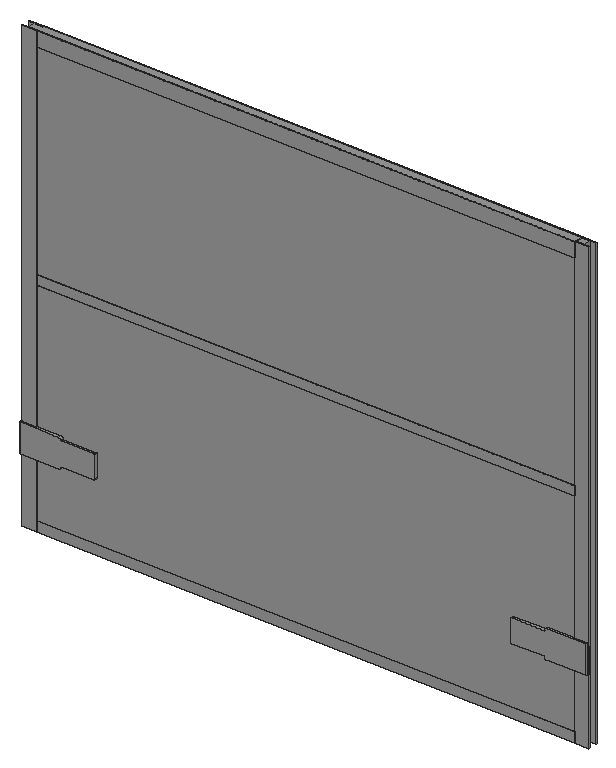
Revit family "Haworth_HATElements_Screen_FramedSegmented_AP_PRELIMINARY", category Furniture, Revit 2019
Family settings
  Work Plane-Based = No
  Always vertical = Yes
  Cut with Voids When Loaded = No
  Shared = No
  Room Calculation Point = No
Parameters (values of type "Screen - Framed Segmented")
  URL - Product = "https://www.haworth.com/ap/en/products/office-desks/hat-elements.html"
  Warranty = "http://www.haworth.com/resources/product-info/warranties"
  URL = "https://www.haworth.com/ap/en.html"
  Standing Kit = not(Hanged Kit)  # no
  Standard Widths = "1200, 1400, 1500, 1600, 1800 mm"  # constant formula
  Size = "Verify Final Dim. w/Haworth"  # constant formula
  Screen Finish [instance] = Haworth _ Fabric _ Undecided _ Screen
  Revision Number = "1"  # constant formula
  Model = "SYELXXXXXX"  # constant formula
  Manufacturer = "Haworth, Inc."  # constant formula
  Hanged Kit = yes
  Frame Finish [instance] = Haworth _ Polymer _ Undecided
  Fixing Kit Finish = Haworth _ Polymer _ Undecided
  Description = "Haworth - HAT Elements - Screen Frame Segmented"  # constant formula
  Author = "Haworth (Abd Rahman)"  # constant formula
  Actual Width = 1200 mm
  Actual Height = 950 mm
  Actual Depth = 20 mm  # constant formula
Reference planes
  plane 1: y = 0
  plane 2: z = 0
  plane 3 "Center (Left/Right)": x = 0
  plane 4: x = -600
  plane 5: z = 612
  plane 6: x = 600
  plane 7: y = 20
  plane 8: z = 1562
  plane 9: y = 10
  plane 10: x = 570
  plane 11: x = -570
  plane 12: z = 752
  plane 13: z = 542
  plane 14: z = 1532
  plane 15: z = 632
  plane 16: x = 587
  plane 17: x = -587
  plane 18: y = 18
  plane 19: y = 2
  plane 20: z = 1079.318
  plane 21: z = 1099.318
Forms (mm)
  Extrusion 1, solid, material "Haworth _ Fabric _ Undecided _ Screen" <- "Screen Finish"
    sketch origin (0, 0, -20) x (1, 0, 0) y (0, 0, 1)
      loop
        line (587, 1582) -> (-587, 1582) -> (-587, 1119.318) -> (587, 1119.318) -> (587, 1582)
      loop
        line (-587, 1099.318) -> (-587, 652) -> (587, 652) -> (587, 1099.318) -> (-587, 1099.318)
    from -18 to -2
  Extrusion 2, solid, material "Haworth _ Polymer _ Undecided" <- "Frame Finish"
    sketch origin (0, 0, 0) x (1, 0, 0) y (0, 0, 1)
      loop
        line (-600, 1562) -> (-600, 612) -> (-570, 612) -> (-570, 1562) -> (-600, 1562)
      loop
        line (600, 1562) -> (570, 1562) -> (570, 612) -> (600, 612) -> (600, 1562)
    from -20 to -18
  Extrusion 3, solid, material "Haworth _ Polymer _ Undecided" <- "Frame Finish"
    sketch origin (0, 0, 0) x (1, 0, 0) y (0, 0, 1)
      loop
        line (-570, 1562) -> (-570, 1532) -> (570, 1532) -> (570, 1562) -> (-570, 1562)
      loop
        line (-570, 632) -> (-570, 612) -> (570, 612) -> (570, 632) -> (-570, 632)
      loop
        line (-570, 1099.318) -> (-570, 1079.318) -> (570, 1079.318) -> (570, 1099.318) -> (-570, 1099.318)
    from -20 to 0
  Extrusion 4, solid, material "Haworth _ Polymer _ Undecided" <- "Frame Finish"
    sketch origin (0, 20, 0) x (1, 0, 0) y (0, 0, -1)
      loop
        line (-600, -1562) -> (-570, -1562) -> (-570, -612) -> (-600, -612) -> (-600, -1562)
      loop
        line (600, -1562) -> (600, -612) -> (570, -612) -> (570, -1562) -> (600, -1562)
    from -20 to -18
Lines and regions (mm)
  Masking region 1
    outline origin (0, 0, 0) x (1, 0, 0) y (0, 1, 0)
      loop
        line (-600, 20) -> (-600, 0) -> (600, 0) -> (600, 20) -> (-600, 20)
Dimensions and locks
  equal spacing: plane 4, plane 3 "Center (Left/Right)", plane 6
  "Actual Width": plane 4 to plane 6
  "Actual Depth": plane 7 to plane 1
  "Actual Height": plane 8 to plane 5  (x2)
  locked: plane 10 to plane 6 at 30
  locked: plane 11 to plane 4 at 30
  nested 1 to nested 1 = 20.5 mm
  locked: plane 12 to plane 5 at 140
  locked: plane 5 to plane 13 at 70  (x2)
  locked: plane 8 to plane 14 at 30
  locked: plane 15 to plane 5 at 20
  locked: plane 16 to plane 6 at 13
  locked: plane 4 to plane 17 at 13
  locked: plane 18 to plane 7 at 2
  locked: plane 1 to plane 19 at 2
  plane 1 to plane 19 = 2 mm
  locked: plane 21 to plane 20 at 20
  locked: plane 20 to plane 15 at 447.318
  aligned and locked: plane 2 to level
  aligned and locked: nested 1 to plane 9
  aligned and locked: nested 2 to plane 12
  aligned and locked: nested 1 to plane 11
  aligned and locked: nested 2 to plane 1
  aligned and locked: plane 10 to nested 3
  aligned and locked: plane 10 to nested 4
  aligned and locked: plane 12 to nested 4
  aligned and locked: plane 1 to nested 4
  aligned and locked: plane 13 to nested 3
  aligned and locked: nested 1 to plane 13
  aligned and locked: plane 4 to Masking region 1 sketch curve
  aligned and locked: Masking region 1 sketch curve to plane 7
  aligned and locked: Masking region 1 sketch curve to plane 1
  aligned and locked: Masking region 1 sketch curve to plane 6
  aligned and locked: Extrusion 1 to plane 18
  aligned and locked: plane 19 to Extrusion 1
  aligned and locked: plane 17 to Extrusion 1
  aligned and locked: Extrusion 1 to plane 16
  aligned and locked: Extrusion 2 sketch curve to plane 8
  aligned and locked: plane 4 to Extrusion 2 sketch curve
  aligned and locked: plane 5 to Extrusion 2 sketch curve
  aligned and locked: plane 11 to Extrusion 2 sketch curve
  aligned and locked: plane 7 to Extrusion 2
  aligned and locked: plane 8 to Extrusion 2 sketch curve
  aligned and locked: Extrusion 2 sketch curve to plane 5
  aligned and locked: Extrusion 2 sketch curve to plane 10
  aligned and locked: plane 6 to Extrusion 2 sketch curve
  aligned and locked: plane 5 to Extrusion 3 sketch curve
  aligned and locked: Extrusion 3 sketch curve to plane 15
  aligned and locked: plane 14 to Extrusion 3 sketch curve
  aligned and locked: Extrusion 3 sketch curve to plane 8
  aligned and locked: plane 11 to Extrusion 3 sketch curve  (x3)
  aligned and locked: plane 10 to Extrusion 3 sketch curve  (x3)
  aligned and locked: plane 1 to Extrusion 3
  aligned and locked: plane 7 to Extrusion 3
  aligned and locked: plane 18 to Extrusion 2
  aligned and locked: Extrusion 4 to plane 5  (x2)
  aligned and locked: plane 8 to Extrusion 4  (x2)
  aligned and locked: Extrusion 4 to plane 19
  aligned and locked: Extrusion 4 to plane 8
  aligned and locked: plane 1 to Extrusion 4
  aligned and locked: plane 8 to Extrusion 1
  aligned and locked: plane 20 to Extrusion 3 sketch curve
  aligned and locked: Extrusion 3 sketch curve to plane 21
  aligned and locked: Extrusion 1 sketch curve to plane 17
  aligned and locked: Extrusion 1 sketch curve to plane 16
  aligned and locked: Extrusion 1 sketch curve to plane 15
  aligned and locked: plane 21 to Extrusion 1 sketch curve  (x2)
Automatic sketch dimensions
  Extrusion 4 sketch curve to plane 4 = 0 mm
  Extrusion 4 sketch curve to plane 5 = 0 mm  (x2)
  Extrusion 4 sketch curve to plane 11 = 0 mm
  Extrusion 4 sketch curve to plane 8 = 0 mm  (x2)
  plane 10 to Extrusion 4 sketch curve = 0 mm
  Extrusion 4 sketch curve to plane 6 = 0 mm
  Extrusion 1 sketch curve to plane 8 = 0 mm
  plane 17 to Extrusion 1 sketch curve = 0 mm
  plane 16 to Extrusion 1 sketch curve = 0 mm
  Extrusion 1 sketch curve to plane 20 = 0 mm
Nested families
  nested 1: "Haworth_HATElements_Screen_StandingKit-PART" at (-546.204, 9.75, 200.5), visible <- "Standing Kit", type "Standing Fix Kit"
  nested 2: "Haworth_HATElements_Screen_HangedKit-PART" at (-520.938, -2.75, 410.5), visible <- "Hanged Kit", type "Hanging Fix Kit"
    with Small no
  nested 3: "Haworth_HATElements_Screen_StandingKit-PART" at (546.204, 9.75, 200.5) x (-1, 0, 0) z (0, 0, 1), visible <- "Standing Kit", type "Standing Fix Kit"
  nested 4: "Haworth_HATElements_Screen_HangedKit-PART" at (517.5, -2.75, 410.5) x (-1, 0, 0) z (0, 0, 1), visible <- "Hanged Kit", type "Hanging Fix Kit"
    with Small no
Definition of nested family "Haworth_HATElements_Screen_StandingKit-PART"
  Parameters (values of type "Standing Fix Kit")
    URL - Product = ""
    Warranty = "https://www.haworth.com/resources/product-info/warranties"
    URL = "https://www.haworth.com/eu/en.html"
    Trim Finish = none
    Size = "Verify Final Dim. w/Haworth"  # constant formula
    Revision Number = "1"  # constant formula
    Model = "Haworth - HAT Elements"  # constant formula
    Manufacturer = "Haworth, Inc."  # constant formula
    Description = "Haworth - HAT Elements"  # constant formula
    Author = "Haworth (Abd Rahman)"  # constant formula
    Actual Height = 190 mm  # constant formula
  Reference planes
    plane 1: y = 0.25
    plane 2: z = 0
    plane 3 "Center (Left/Right)": x = 0
    plane 4: y = 55.5
    plane 5: y = -55
    plane 6: x = -23.796
    plane 7: x = 21.204
    plane 8: z = 341.5
    plane 9: z = 531.5
  Forms (mm)
    Extrusion 1, solid, material <- "Trim Finish"
      sketch origin (6839.704, 13500.25, 0) x (0, 1, 0) y (0, 0, 1)
        loop
          arc (-13489.5, 346.5) -> (-13488.035, 342.964) -> (-13484.5, 341.5) r 5
          line (-13484.5, 341.5) -> (-13444.5, 341.5) -> (-13444.5, 346.5) -> (-13484.5, 346.5) -> (-13484.5, 509.495) -> (-13489.5, 509.495) -> (-13489.5, 346.5)
      from -6860.481 to -6820.481
    Extrusion 2, solid, material <- "Trim Finish"
      sketch origin (6839.704, 13500.25, 0) x (1, 0, 0) y (0, 0, 1)
        loop
          arc (-6818.5, 523.953) -> (-6820.857, 529.643) -> (-6826.546, 531.999) r 8.046
          line (-6826.546, 531.999) -> (-6855.316, 531.999)
          arc (-6855.316, 531.999) -> (-6861.103, 529.602) -> (-6863.5, 523.815) r 8.184
          line (-6863.5, 523.815) -> (-6863.5, 400.999) -> (-6818.5, 400.999) -> (-6818.5, 523.953)
      from 13480.6 to 13488
    Extrusion 3, solid, material <- "Trim Finish"
      sketch origin (6839.704, -13499.75, 0) x (0, -1, 0) y (0, 0, -1)
        loop
          line (-13490, -346.5) -> (-13490, -509.495) -> (-13485, -509.495) -> (-13485, -346.5) -> (-13445, -346.5) -> (-13445, -341.5) -> (-13485, -341.5)
          arc (-13485, -341.5) -> (-13488.536, -342.964) -> (-13490, -346.5) r 5
      from -6860.481 to -6820.481
    Extrusion 4, solid, material <- "Trim Finish"
      sketch origin (6839.704, -13499.75, 0) x (1, 0, 0) y (0, 0, -1)
        loop
          line (-6818.5, -523.953) -> (-6818.5, -400.999) -> (-6863.5, -400.999) -> (-6863.5, -523.815)
          arc (-6863.5, -523.815) -> (-6861.103, -529.602) -> (-6855.316, -531.999) r 8.184
          line (-6855.316, -531.999) -> (-6826.546, -531.999)
          arc (-6826.546, -531.999) -> (-6820.857, -529.643) -> (-6818.5, -523.953) r 8.046
      from 13480.6 to 13488
    Extrusion 5, void
      sketch origin (0, 0, 0) x (1, 0, 0) y (0, 1, 0)
        loop
          arc (-16.818, -54.75) -> (-19.618, -53.59) -> (-20.777, -50.791) r 3.959
          line (-20.777, -50.791) -> (-23.239, -50.791) -> (-23.239, -57.863) -> (24.899, -57.863) -> (24.899, -50.791) -> (19.223, -50.791)
          arc (19.223, -50.791) -> (18.063, -53.59) -> (15.264, -54.75) r 3.959
          line (15.264, -54.75) -> (-16.818, -54.75)
      from 299.184 to 388.019
    Extrusion 6, void
      sketch origin (0, 0, 0) x (1, 0, 0) y (0, 1, 0)
        loop
          line (-16.818, 55.751) -> (15.264, 55.751)
          arc (15.264, 55.751) -> (18.063, 54.591) -> (19.223, 51.792) r 3.959
          line (19.223, 51.792) -> (24.899, 51.792) -> (24.899, 58.864) -> (-23.239, 58.864) -> (-23.239, 51.792) -> (-20.777, 51.792)
          arc (-20.777, 51.792) -> (-19.618, 54.591) -> (-16.818, 55.751) r 3.959
      from 326.326 to 368.785
  Cuts and joins
    Extrusion 5 cuts Extrusion 3
    joined: Extrusion 3, Extrusion 4
    Extrusion 6 cuts Extrusion 1
    joined: Extrusion 1, Extrusion 2
  Lines and regions (mm)
    Masking region 1
      outline origin (0, 0, 0) x (1, 0, 0) y (0, 1, 0)
        loop
          line (-20.777, -54.5) -> (19.223, -54.5) -> (19.223, -19.15) -> (21.204, -19.15) -> (21.204, -11.75) -> (19.223, -11.75) -> (19.223, -9.75) -> (-20.777, -9.75) -> (-20.777, -11.75) -> (-23.796, -11.75) -> (-23.796, -19.15) -> (-20.777, -19.15) -> (-20.777, -54.5)
        loop
          line (-20.777, 55.625) -> (-20.777, 20.275) -> (-23.796, 20.275) -> (-23.796, 12.875) -> (-20.777, 12.875) -> (-20.777, 10.875) -> (19.223, 10.875) -> (19.223, 12.875) -> (21.204, 12.875) -> (21.204, 20.275) -> (19.223, 20.275) -> (19.223, 55.625) -> (-20.777, 55.625)
  Dimensions and locks
    equal spacing: plane 4, plane 1, plane 5
    plane 6 to plane 3 "Center (Left/Right)" to plane 7 = 23.796 mm, 21.204 mm
    "Actual Height": plane 9 to plane 8
    aligned and locked: plane 2 to level
  Automatic sketch dimensions
    Extrusion 1 sketch curve to Extrusion 1 sketch curve = 5 mm
    Extrusion 1 sketch curve to Extrusion 1 sketch curve = 0 mm  (x2)
    Extrusion 1 sketch curve to Extrusion 1 sketch curve = 40 mm
    Extrusion 2 sketch curve to Extrusion 2 sketch curve = 8.184 mm
    Extrusion 2 sketch curve to Extrusion 2 sketch curve = 28.769 mm
    Extrusion 2 sketch curve to Extrusion 2 sketch curve = 45 mm
    Extrusion 2 sketch curve to Extrusion 2 sketch curve = 122.816 mm
    Extrusion 3 sketch curve to plane 1 = 55 mm
    Extrusion 3 sketch curve to Extrusion 3 sketch curve = 0 mm  (x2)
    Extrusion 4 sketch curve to Extrusion 4 sketch curve = 8.184 mm
    Extrusion 4 sketch curve to Extrusion 4 sketch curve = 28.769 mm
    Extrusion 4 sketch curve to Extrusion 4 sketch curve = 45 mm
    Extrusion 4 sketch curve to Extrusion 4 sketch curve = 122.954 mm
    Extrusion 1 sketch curve to plane 1 = 10.5 mm
    Extrusion 3 sketch curve to plane 1 = 15 mm
    Extrusion 3 sketch curve to Extrusion 3 sketch curve = 5 mm
    Extrusion 2 sketch curve to plane 3 "Center (Left/Right)" = 23.796 mm
    Extrusion 4 sketch curve to plane 3 "Center (Left/Right)" = 23.796 mm
    Masking region 1 sketch curve to plane 6 = 0 mm  (x2)
    Masking region 1 sketch curve to plane 7 = 0 mm  (x2)
    Masking region 1 sketch curve to plane 6 = 3.019 mm  (x4)
    plane 5 to Masking region 1 sketch curve = 0.5 mm
    Masking region 1 sketch curve to Masking region 1 sketch curve = 1.981 mm  (x2)
    plane 4 to Masking region 1 sketch curve = 0.125 mm
    plane 7 to Masking region 1 sketch curve = 1.981 mm  (x2)
    plane 1 to Masking region 1 sketch curve = 19.4 mm  (x2)
    Masking region 1 sketch curve to Masking region 1 sketch curve = 7.4 mm  (x4)
    Masking region 1 sketch curve to Masking region 1 sketch curve = 2 mm  (x3)
    Masking region 1 sketch curve to plane 1 = 10.625 mm
    Extrusion 5 sketch curve to plane 6 = 0.558 mm
    Extrusion 5 sketch curve to Extrusion 5 sketch curve = 2.461 mm
    plane 5 to Extrusion 5 sketch curve = 0.25 mm
    Extrusion 5 sketch curve to Extrusion 5 sketch curve = 3.959 mm
    plane 7 to Extrusion 5 sketch curve = 5.94 mm
    plane 7 to Extrusion 5 sketch curve = 1.981 mm
    Extrusion 5 sketch curve to plane 7 = 3.695 mm
    Extrusion 5 sketch curve to plane 5 = 2.863 mm
    Extrusion 6 sketch curve to plane 6 = 0.558 mm
    Extrusion 6 sketch curve to Extrusion 6 sketch curve = 2.461 mm
    Extrusion 6 sketch curve to Extrusion 6 sketch curve = 3.959 mm
    plane 7 to Extrusion 6 sketch curve = 5.94 mm
    plane 7 to Extrusion 6 sketch curve = 1.981 mm
    Extrusion 6 sketch curve to plane 7 = 3.695 mm
    Extrusion 6 sketch curve to plane 4 = 3.709 mm
    plane 4 to Extrusion 6 sketch curve = 3.364 mm
    level to Extrusion 1 sketch curve = 341.5 mm
    Extrusion 1 sketch curve to Extrusion 1 sketch curve = 162.995 mm
    level to Extrusion 2 sketch curve = 400.999 mm
    Extrusion 3 sketch curve to level = 341.5 mm
    Extrusion 3 sketch curve to Extrusion 3 sketch curve = 162.995 mm
    level to Extrusion 4 sketch curve = 531.999 mm
Definition of nested family "Haworth_HATElements_Screen_HangedKit-PART"
  Parameters (values of type "Hanging Fix Kit")
    URL - Product = ""
    Warranty = "https://www.haworth.com/resources/product-info/warranties"
    URL = "https://www.haworth.com/eu/en.html"
    Trim Finish = none
    Small = yes
    Size = "Verify Final Dim. w/Haworth"  # constant formula
    Revision Number = "1"  # constant formula
    Model = "Haworth - HAT Elements"  # constant formula
    Manufacturer = "Haworth, Inc."  # constant formula
    Large = yes
    Description = "Haworth - HAT Elements"  # constant formula
    Author = "Haworth (Abd Rahman)"  # constant formula
    Actual Height = 60 mm  # constant formula
  Reference planes
    plane 1: y = 0.25
    plane 2: z = 0
    plane 3 "Center (Left/Right)": x = 0
    plane 4: z = 341.5
    plane 5: z = 401.5
    plane 6: x = 78.999
    plane 7: x = -81
    plane 8: y = -2.25
    plane 9: y = 6.861
  Forms (mm)
    Extrusion 1, solid, material <- "Trim Finish", visible <- "Large"
      sketch origin (4168.1, 362.537, 0) x (1, 0, 0) y (0, 1, 0)
        loop
          line (-4089.1, -364.75) -> (-4089.1, -359.75) -> (-4247.1, -359.75) -> (-4247.104, -357.678) -> (-4243.034, -357.543) -> (-4243.104, -355.541) -> (-4246.973, -355.676)
          arc (-4246.973, -355.676) -> (-4248.481, -356.347) -> (-4249.1, -357.879) r 2.204
          line (-4249.1, -357.879) -> (-4249.1, -362.562)
          arc (-4249.1, -362.562) -> (-4248.459, -364.109) -> (-4246.913, -364.75) r 2.187
          line (-4246.913, -364.75) -> (-4089.1, -364.75)
      from 341.5 to 400.5
    Extrusion 2, void
      sketch origin (4168.1, 362.787, 0) x (1, 0, 0) y (0, 0, 1)
        loop
          arc (-4091.1, 395.5) -> (-4089.686, 394.914) -> (-4089.1, 393.5) r 2
          line (-4089.1, 393.5) -> (-4089.1, 348.469)
          arc (-4089.1, 348.469) -> (-4089.677, 347.077) -> (-4091.069, 346.5) r 1.969
          line (-4091.069, 346.5) -> (-4160.1, 346.5)
          arc (-4160.1, 346.5) -> (-4161.564, 342.964) -> (-4165.1, 341.5) r 5
          line (-4165.1, 341.5) -> (-4165.1, 335.5) -> (-4085.1, 335.5) -> (-4085.1, 410.5) -> (-4165.1, 410.5) -> (-4165.1, 400.5)
          arc (-4165.1, 400.5) -> (-4161.564, 399.036) -> (-4160.1, 395.5) r 5
          line (-4160.1, 395.5) -> (-4091.1, 395.5)
      from 323.945 to 408.722
    Extrusion 3, solid, material <- "Trim Finish", visible <- "Small"
      sketch origin (2708.5, -1439.5, 0) x (1, 0, 0) y (0, 0, 1)
        loop
          arc (-2761, 346) -> (-2759.536, 342.464) -> (-2756, 341) r 5
          line (-2756, 341) -> (-2706, 341)
          arc (-2706, 341) -> (-2702.464, 342.464) -> (-2701, 346) r 5
          line (-2701, 346) -> (-2661, 346)
          arc (-2661, 346) -> (-2657.464, 347.464) -> (-2656, 351) r 5
          line (-2656, 351) -> (-2656, 391)
          arc (-2656, 391) -> (-2657.464, 394.536) -> (-2661, 396) r 5
          line (-2661, 396) -> (-2701, 396)
          arc (-2701, 396) -> (-2702.464, 399.536) -> (-2706, 401) r 5
          line (-2706, 401) -> (-2756, 401)
          arc (-2756, 401) -> (-2759.536, 399.536) -> (-2761, 396) r 5
          line (-2761, 396) -> (-2761, 346)
      from -1442.25 to -1437.25
  Cuts and joins
    Extrusion 2 cuts Extrusion 1
  Lines and regions (mm)
    Masking region 1, visible <- "Large"
      outline origin (0, 0, 0) x (1, 0, 0) y (0, 1, 0)
        loop
          line (-78.813, -2.213) -> (78.999, -2.213) -> (78.999, 2.787) -> (-79, 2.787) -> (-79.003, 4.859) -> (-74.934, 4.994) -> (-75.004, 6.996) -> (-78.873, 6.861)
          arc (-78.873, 6.861) -> (-80.381, 6.189) -> (-81, 4.658) r 2.204
          line (-81, 4.658) -> (-81, -0.026)
          arc (-81, -0.026) -> (-80.359, -1.573) -> (-78.813, -2.213) r 2.187
    Masking region 2, visible <- "Small"
      outline origin (0, -22.5, 0) x (1, 0, 0) y (0, 1, 0)
        loop
          line (-52.5, 25.25) -> (-52.5, 20.25) -> (52.5, 20.25) -> (52.5, 25.25) -> (-52.5, 25.25)
  Dimensions and locks
    "Actual Height": plane 5 to plane 4
    plane 9 to plane 1 to plane 8 = 6.611 mm, 2.5 mm
    plane 7 to plane 3 "Center (Left/Right)" to plane 6 = 81 mm, 78.999 mm
    aligned and locked: plane 2 to level
  Automatic sketch dimensions
    Extrusion 1 sketch curve to plane 1 = 2.537 mm
    plane 1 to Extrusion 1 sketch curve = 0.276 mm
    Extrusion 1 sketch curve to plane 1 = 4.609 mm
    Extrusion 1 sketch curve to Extrusion 1 sketch curve = 1.997 mm
    Extrusion 1 sketch curve to Extrusion 1 sketch curve = 0.003 mm
    Extrusion 1 sketch curve to plane 1 = 6.611 mm
    Extrusion 1 sketch curve to Extrusion 1 sketch curve = 0.131 mm
    Extrusion 1 sketch curve to Extrusion 1 sketch curve = 2.187 mm  (x2)
    Extrusion 1 sketch curve to Extrusion 1 sketch curve = 0.208 mm
    Extrusion 1 sketch curve to plane 1 = 6.746 mm
    Extrusion 1 sketch curve to Extrusion 1 sketch curve = 3.869 mm
    Extrusion 1 sketch curve to plane 1 = 4.744 mm
    Extrusion 1 sketch curve to Extrusion 1 sketch curve = 0.07 mm
    Extrusion 1 sketch curve to Extrusion 1 sketch curve = 5 mm
    plane 4 to Extrusion 2 sketch curve = 0 mm
    Extrusion 2 sketch curve to Extrusion 2 sketch curve = 5 mm
    Extrusion 2 sketch curve to plane 4 = 5 mm
    plane 5 to Extrusion 2 sketch curve = 8 mm
    Extrusion 2 sketch curve to Extrusion 2 sketch curve = 69 mm
    Extrusion 2 sketch curve to Extrusion 2 sketch curve = 0.031 mm
    Extrusion 2 sketch curve to Extrusion 2 sketch curve = 1.969 mm
    plane 4 to Extrusion 2 sketch curve = 6 mm
    Extrusion 2 sketch curve to Extrusion 2 sketch curve = 5.969 mm
    Extrusion 2 sketch curve to plane 5 = 9 mm
    plane 5 to Extrusion 3 sketch curve = 5.5 mm  (x2)
    Extrusion 3 sketch curve to Extrusion 3 sketch curve = 5 mm  (x3)
    plane 5 to Extrusion 3 sketch curve = 0.5 mm
    Extrusion 3 sketch curve to Extrusion 3 sketch curve = 50 mm
    Extrusion 3 sketch curve to plane 4 = 4.5 mm
    Extrusion 3 sketch curve to Extrusion 3 sketch curve = 0 mm
    plane 5 to Extrusion 3 sketch curve = 10.5 mm
    Extrusion 3 sketch curve to Extrusion 3 sketch curve = 40 mm
    plane 1 to Masking region 1 sketch curve = 0.276 mm
    Masking region 1 sketch curve to plane 1 = 4.609 mm
    Masking region 1 sketch curve to Masking region 1 sketch curve = 1.997 mm
    Masking region 1 sketch curve to Masking region 1 sketch curve = 0.003 mm
    Masking region 1 sketch curve to plane 1 = 6.611 mm
    Masking region 1 sketch curve to Masking region 1 sketch curve = 0.131 mm
    Masking region 1 sketch curve to Masking region 1 sketch curve = 2.187 mm  (x2)
    Masking region 1 sketch curve to Masking region 1 sketch curve = 0.208 mm
    Masking region 1 sketch curve to plane 1 = 6.746 mm
    Masking region 1 sketch curve to Masking region 1 sketch curve = 3.869 mm
    Masking region 1 sketch curve to plane 1 = 4.744 mm
    Masking region 1 sketch curve to Masking region 1 sketch curve = 0.07 mm
    plane 1 to Masking region 1 sketch curve = 2.464 mm
    Masking region 1 sketch curve to plane 1 = 2.537 mm
    plane 1 to Masking region 2 sketch curve = 2.5 mm
    Masking region 2 sketch curve to Masking region 2 sketch curve = 5 mm
    plane 3 "Center (Left/Right)" to Extrusion 1 sketch curve = 79 mm
    plane 3 "Center (Left/Right)" to Extrusion 2 sketch curve = 3 mm  (x2)
    plane 3 "Center (Left/Right)" to Masking region 1 sketch curve = 78.999 mm
    plane 3 "Center (Left/Right)" to Masking region 2 sketch curve = 52.5 mm
    Extrusion 1 sketch curve to plane 3 "Center (Left/Right)" = 74.934 mm
    Extrusion 3 sketch curve to plane 3 "Center (Left/Right)" = 52.5 mm
    Masking region 1 sketch curve to plane 3 "Center (Left/Right)" = 74.934 mm
    Masking region 2 sketch curve to plane 3 "Center (Left/Right)" = 52.5 mm
